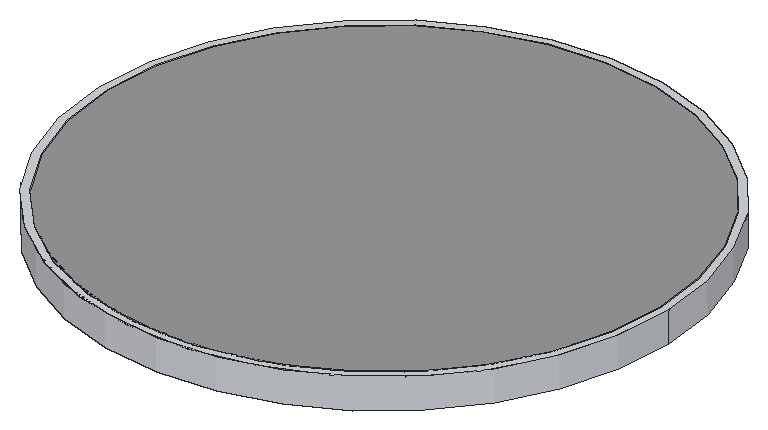
Revit family "2071304", category Lighting Fixtures, host Face, Revit 2018
Family settings
  Host = Face
  Round Connector Dimension = Use Diameter
  Part Type = Junction Box
  OmniClass Number = 23.80.70.00
  OmniClass Title = Lighting
  Cut with Voids When Loaded = No
  Light Source = Yes
  Shared = No
  Room Calculation Point = No
Parameters (values of type "2071304 COLOSSAL 1200 940 PR DIR WHT SSC")
  iner diameter = 1168 mm
  Weight = "n/a"
  Wattage Comments = ""
  Wattage = 30 W
  WarrantyStartDate [instance] = "n/a"
  WarrantyGuarantorParts = "n/a"
  WarrantyDurationUnit = "n/a"
  WarrantyDurationParts = ""
  WarrantyDescription = "http://www.sylvania-lighting.com"
  built-in parameter 1150110 = 1 (stored number, unit not read)
  Voltage = 230 V
  URL = "0.95"
  TypeName = "COLOSSAL 1200mm 940 PRISM DIR WHITE SSC"
  Type Image = <None>
  Type Comments = "n/a"
  built-in parameter 1114217 = 1 (stored number, unit not read)
  Tilt Angle = -90.00°
  built-in parameter 1150109 = 1 (stored number, unit not read)
  built-in parameter 1150134 = (empty or 0)
  built-in parameter 1150113 = 1 (stored number, unit not read)
  SerialNumber [instance] = "n/a"
  Photometric Web File = "2071304.ies"
  Material_3_SYL = LED-Sylvania
  PowerFactor = 0
  PowerConsumption = "Lighting"
  NominalLength = 1168 mm
  NominalHeight = 93 mm
  NominalDepth = 1168 mm
  Name = "COLOSSAL 1200mm 940 PRISM DIR WHITE SSC"
  ModelReference = Name  # "COLOSSAL 1200mm 940 PRISM DIR WHITE SSC"
  ModelNumber = "2071304"
  Model = Name  # "COLOSSAL 1200mm 940 PRISM DIR WHITE SSC"
  Material = "Feilo Sylvania"
  ManufacturerName = "120 lm/W"
  Manufacturer = ""
  LuminousEfficacy = ""
  built-in parameter 1150105 = 270.44 (stored number, unit not read)
  Lumens = 3398.4 lm
  LuminaireType = "0"
  built-in parameter 1150115 = 1 (stored number, unit not read)
  LightOutputRatio = "LED"
  built-in parameter 1150137 = (empty or 0)
  built-in parameter 1150139 = (empty or 0)
  LampsType = Lamp  # "n/a"
  LampNominalLuminous = "4000 K"
  LampMacAdamStep = "90"
  LampColourTemperature = "LED"
  LampColourRenderingIndex = "16500"
  built-in parameter 1150112 = 1 (stored number, unit not read)
  built-in parameter 1150114 = 1 (stored number, unit not read)
  Lamp = "n/a"
  Keynote = "n/a"
  InstallationDate [instance] = "n/a"
  InputVoltage = "0"
  InputNominalFrequency = "4000"
  built-in parameter 1150132 = (empty or 0)
  built-in parameter 1150102 = (empty or 0)
  built-in parameter 1150107 = 3000 (stored number, unit not read)
  built-in parameter 1150138 = (empty or 0)
  IngressProtection = "IfcLightFixtureType"
  ImpactProtectionIndex = "IfcLightFixtureType"
  built-in parameter 1150106 = 2.7044 (stored number, unit not read)
  IfcExportType = "IfcLightFixtureType"
  IfcExportAs = "Class I"
  Emit from Circle Diameter = 385 mm
  Emit Shape Visible in Rendering = no
  ElectricShockClassification = "120"
  built-in parameter 1150104 = 10.524 (stored number, unit not read)
  DocumentationLiterature = "http://www.sylvania-lighting.com/product/en-int/products/2071304"
  DimmingControlOptions = "n/a"
  Material_2_SYL = Polycarbonate_Sylvania_White
  Dimming Lamp Color Temperature Shift = <None>
  Description = "1200mm diameter circular architectural luminaire, can be surface mounted or suspended. Powder coated aluminium housing (RAL9016) with PMMA prismatic diffuser. Direct light distribution, 14060lm luminuous flux, 117.5W system power, 120lm/W luminiaire efficacy. Sylsmart Standalone enabled. Colour rendering index Ra >90, 4000K Neutral White LED, chromaticity tolerance of 3-step MacAdam ellipse. IP40/IP20, IK03. 350mA drive current. UGR≤19. Electrical protection Class1, 220-240V. Reported lifetime 66k hours L90B10."
  Default Elevation = 1219.2 mm
  CreatedOn = "23/03/2022"
  CreatedBy = "@sylvania-lighting.com"
  Cost = 0
  Color Filter = 16777215
  built-in parameter 1114216 [instance] = (empty or 0)
  ClassificationValue = "EF_70_80"
  ClassificationName = "Uniclass2015"
  Material_1_SYL = Polycarbonate_Sylvania_Opal
  BarCode [instance] = "n/a"
  built-in parameter 1114218 = 1 (stored number, unit not read)
  built-in parameter 1150133 = 10 (stored number, unit not read)
  AssetType = "Fixed"
  AssetIdentifier [instance] = "n/a"
  Assembly Code = "D5020200"
  Apparent Load = 117.5 VA
  Material_4_SYL = none
Reference planes
  plane 1 "Center (Front/Back)": y = 0
  plane 2: z = 0
  plane 3 "Center (Left/Right)": x = 0
  plane 4: z = 1.161
  plane 5: z = 16.161
  plane 6: y = 584
  plane 7: y = -584
  plane 8: x = 85
  plane 9: x = -85
  plane 10: through (0, 0, 1219.2) normal (0.5, 0.866, 0)
  plane 11: through (42.5, 73.612, 1219.2) normal (0.5, 0.866, 0)
  plane 12: through (-42.5, -73.612, 1219.2) normal (0.5, 0.866, 0)
  plane 13: through (0, 0, 1219.2) normal (0.5, -0.866, 0)
  plane 14: through (-42.5, 73.612, 1219.2) normal (0.5, -0.866, 0)
  plane 15: through (42.5, -73.612, 1219.2) normal (0.5, -0.866, 0)
  plane 16: z = 93
  plane 17: y = 584
  plane 18: y = -584
  plane 19: y = -429
  plane 20: x = -584
  plane 21: x = 584
Forms (mm)
  Extrusion 1, solid, detail levels medium+fine
    sketch origin (0, 0, 0) x (0.866025, -0.5, 0) y (0.5, 0.866025, 0)
      loop
        circle (-50, 86.603) r 22
    from 0 to 2
  Extrusion 2, solid, detail levels medium+fine
    sketch origin (0, 0, 0) x (0.866025, -0.5, 0) y (0.5, 0.866025, 0)
      loop
        circle (100, 0) r 22
      loop
        circle (-50, -86.603) r 22
    from 0 to 2
  Extrusion 3, solid, detail levels medium+fine
    sketch origin (0, 0, 0) x (1, 0, 0) y (0, 1, 0)
      loop
        circle (0, 0) r 584
    from 30 to 93
  Extrusion 4, void
    sketch origin (0, 0, 0) x (1, 0, 0) y (0, 1, 0)
      loop
        circle (0, 0) r 568
    from 96.588 to 37.292
  Extrusion 5, solid, material "Glass, White, High Luminance", detail levels fine
    sketch origin (0, 0, 0) x (1, 0, 0) y (0, 1, 0)
      loop
        circle (0, 0) r 568
    from 88.022 to 93
  Extrusion 6, solid, detail levels coarse
    sketch origin (0, 0, 0) x (1, 0, 0) y (0, 1, 0)
      loop
        line (-584, 584) -> (-584, -584) -> (584, -584) -> (584, 584) -> (-584, 584)
    from 0 to 93
  Blend 7, solid, detail levels medium+fine
    base sketch origin (-10.814, 11.299, 29.922) x (1, 0, 0) y (0, 1, 0)
      loop
        line (-402.654, -330.622) -> (397.346, -330.622) -> (482.346, -183.398) -> (82.346, 509.423) -> (-87.654, 509.423) -> (-487.654, -183.398) -> (-402.654, -330.622)
    top sketch origin (-10.814, 11.299, 29.922) x (1, 0, 0) y (0, 1, 0)
      loop
        line (-363.391, -306.496) -> (364.632, -306.496) -> (449.632, -159.272) -> (87.132, 468.597) -> (-82.868, 468.597) -> (-445.368, -159.272) -> (-363.391, -306.496)
    from 0 to -30
Cuts and joins
  Extrusion 4 cuts Extrusion 1
  Extrusion 4 cuts Extrusion 2
  Extrusion 4 cuts Extrusion 3
Lines and regions (mm)
  model lines, detail levels medium+fine
    curve 1: circle (0, 0, 0) r 155 normal (0, 0, 1)
  reference lines
    curve 2: circle (0, 0, 0) r 489 normal (0, 0, 1)
    curve 3: circle (0, 0, 0) r 521 normal (0, 0, 1)
    curve 4: line (0, 0, 0) -> (606.218, -350, 0)
    curve 5: line (0, 0, 0) -> (0, 825, 0)
    curve 6: line (0, 0, 0) -> (-623.538, -360, 0)
    curve 7: line (639.013, -270.785, 0) -> (85, 49.075, 0)
    curve 8: line (563.718, -423.612, 0) -> (0, -98.15, 0)
    curve 9: line (85, 49.075, 0) -> (85, 825, 0)
    curve 10: line (-85, 49.075, 0) -> (-85, 825, 0)
    curve 11: line (-85, 49.075, 0) -> (-666.038, -286.388, 0)
    curve 12: line (-581.038, -433.612, 0) -> (0, -98.15, 0)
Dimensions and locks
  plane 4 to level = 1.161 mm
  locked: plane 5 to plane 4 at 15
  "NominalDepth": plane 6 to plane 7
  plane 6 to plane 1 "Center (Front/Back)" to plane 7 = 584 mm, 584 mm
  "NominalHeight": level to plane 16
  equal spacing: plane 17, plane 1 "Center (Front/Back)", plane 18
  "NominalLength": plane 20 to plane 21
  equal spacing: plane 20, plane 3 "Center (Left/Right)", plane 21
  aligned and locked: plane 2 to host face
  aligned and locked: level to host face
  aligned and locked: plane 6 to Extrusion 6
Automatic sketch dimensions
  host sketch curve to host sketch curve = 2438.4 mm  (x2)
  Extrusion 1 sketch curve to plane 3 "Center (Left/Right)" = 0 mm
  Extrusion 1 sketch curve to plane 1 "Center (Front/Back)" = 100 mm
  plane 1 "Center (Front/Back)" to Extrusion 2 sketch curve = 50 mm
  Extrusion 2 sketch curve to plane 3 "Center (Left/Right)" = 86.603 mm
  Extrusion 2 sketch curve to Extrusion 2 sketch curve = 150 mm
  Extrusion 2 sketch curve to Extrusion 2 sketch curve = 86.603 mm
  plane 1 "Center (Front/Back)" to curve 1 = 0 mm
  curve 1 to plane 3 "Center (Left/Right)" = 0 mm
  plane 1 "Center (Front/Back)" to Extrusion 3 sketch curve = 0 mm
  Extrusion 3 sketch curve to plane 3 "Center (Left/Right)" = 0 mm
  plane 1 "Center (Front/Back)" to Extrusion 4 sketch curve = 0 mm
  Extrusion 4 sketch curve to plane 3 "Center (Left/Right)" = 0 mm
  plane 1 "Center (Front/Back)" to Extrusion 5 sketch curve = 0 mm
  Extrusion 5 sketch curve to plane 3 "Center (Left/Right)" = 0 mm
  curve 2 to curve 3 = 0 mm  (x2)
  curve 11 to plane 14 = 0 mm
  curve 6 to plane 13 = 0 mm
  curve 12 to plane 15 = 0 mm
  curve 10 to plane 9 = 0 mm
  curve 12 to plane 3 "Center (Left/Right)" = 0 mm
  plane 1 "Center (Front/Back)" to curve 3 = 0 mm
  curve 3 to plane 3 "Center (Left/Right)" = 0 mm
  curve 7 to plane 8 = 0 mm
  curve 11 to plane 10 = 0 mm
  curve 12 to plane 19 = 4.612 mm
  plane 19 to curve 6 = 69 mm
  plane 19 to curve 11 = 142.612 mm
  plane 19 to curve 8 = 5.388 mm
  plane 19 to curve 4 = 79 mm
  plane 19 to curve 7 = 158.215 mm
  plane 6 to curve 5 = 241 mm
  curve 10 to curve 5 = 0 mm
  curve 5 to curve 9 = 0 mm
  plane 1 "Center (Front/Back)" to curve 6 = 0 mm
  curve 6 to plane 3 "Center (Left/Right)" = 0 mm
  Extrusion 6 sketch curve to plane 7 = 0 mm
  Extrusion 6 sketch curve to plane 6 = 0 mm
  Blend 7 sketch curve to plane 6 = 756.098 mm  (x2)
  Blend 7 sketch curve to Blend 7 sketch curve = 85 mm
  plane 3 "Center (Left/Right)" to Blend 7 sketch curve = 386.532 mm
  plane 8 to Blend 7 sketch curve = 386.532 mm
  Blend 7 sketch curve to plane 6 = 63.278 mm
  Blend 7 sketch curve to plane 6 = 731.972 mm  (x2)
  Blend 7 sketch curve to Blend 7 sketch curve = 81.977 mm
  plane 3 "Center (Left/Right)" to Blend 7 sketch curve = 353.818 mm
  plane 8 to Blend 7 sketch curve = 353.818 mm
  Blend 7 sketch curve to plane 6 = 104.104 mm
  plane 12 to curve 8 = 0 mm
  plane 19 to Blend 7 sketch curve = 109.677 mm
  plane 19 to Blend 7 sketch curve = 133.803 mm
  plane 8 to Extrusion 6 sketch curve = 499 mm
  Extrusion 6 sketch curve to plane 9 = 499 mm
  Blend 7 sketch curve to plane 8 = 13.468 mm
  Blend 7 sketch curve to plane 9 = 13.468 mm
  Blend 7 sketch curve to plane 9 = 328.468 mm
  Blend 7 sketch curve to plane 8 = 8.682 mm
  Blend 7 sketch curve to plane 9 = 8.682 mm
  Blend 7 sketch curve to plane 9 = 289.205 mm
  plane 10 to curve 4 = 0 mm
  plane 11 to curve 7 = 0 mm
  curve 12 to plane 12 = 0 mm
  curve 9 to plane 11 = 0 mm
  radius of Extrusion 1 sketch curve = 22 mm
  radius of Extrusion 2 sketch curve = 22 mm  (x2)
  radius of curve 1 = 155 mm
  radius of Extrusion 3 sketch curve = 584 mm
  radius of Extrusion 4 sketch curve = 568 mm
  radius of Extrusion 5 sketch curve = 568 mm
  radius of curve 2 = 489 mm
  radius of curve 3 = 521 mm
Connectors
  electrical at (0, 0, 30)
    settings: on cut or joined group of Extrusion 3, Extrusion 4, index 1, voltage 0 V, apparent load 0 VA, apparent load phase1 0 VA, apparent load phase2 0 VA, apparent load phase3 0 VA, power factor 1, load classification "Other", number of poles 1, system type 31, power factor state 1, is connector primary yes, connector utility no, sub classification motor no, connector description ""
